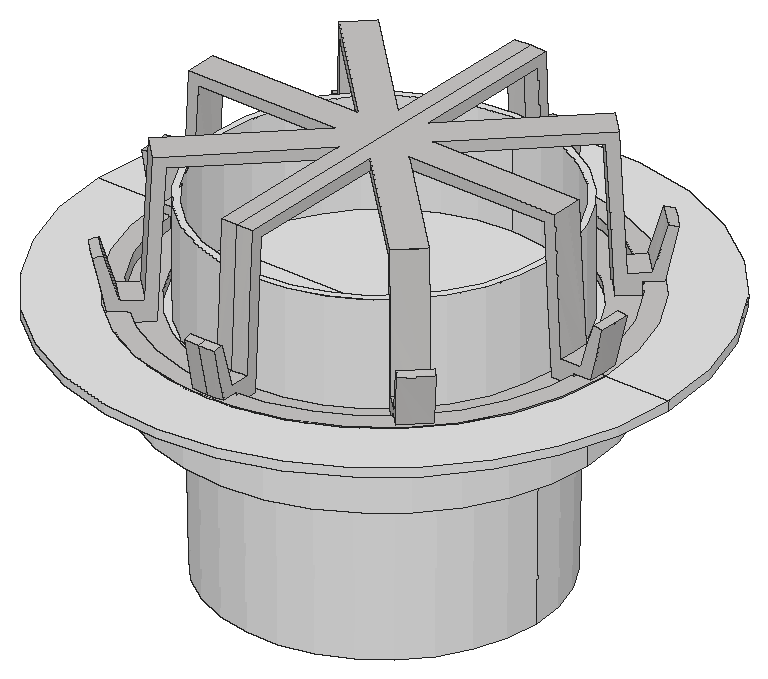
Revit family "Viking Roofspec Drain 08 M01", category Pipe Fittings, host Face, Revit 2021
Family settings
  Host = Face
  Round Connector Dimension = Use Diameter
  Part Type = Cap
  Cut with Voids When Loaded = No
  Shared = No
Parameters (values of type "Drains - Overflow - 150mm")
  URL = "www.vikingroofspec.co.nz"
  Type Comments = "Viking Roofspec 150mmØ clamped overflow drain SDM051 with 304 S/S domed grate, installed as per manufacturers instructions."
  Pipe Diameter = 150 mm
  Overall Cut Diameter = 280 mm
  Model = "SDM051"
  Material = Viking Roofspec - Plastic White
  Manufacturer = "Viking Roofspec"  # constant formula
  Grate Material = Viking Roofspec - Stainless Steel
  Flow Out = 7.6 L/s
  Default Elevation = 0 mm
  Cut Diameter = 235 mm
  Component = SDM051 : Overflow
Reference planes
  plane 1 "Center (Front/Back)": y = 0
  plane 2: z = 0
  plane 3 "Center (Left/Right)": x = 0
  plane 4 "Pipe Connector": z = -116.857
Forms (mm)
  Extrusion 1, void
    sketch origin (0, 0, 0) x (1, 0, 0) y (0, 1, 0)
      loop
        circle (0, 0) r 117.5
    from 0 to -120
  Extrusion 2, void
    sketch origin (0, 0, 0) x (1, 0, 0) y (0, 1, 0)
      loop
        circle (0, 0) r 140
    from -4 to 0
Dimensions and locks
  locked: host face to plane 4 "Pipe Connector" at 116.857
  "Cut Diameter": diameter of Extrusion 1 sketch curve
  "Overall Cut Diameter": diameter of Extrusion 2 sketch curve
  aligned and locked: plane 2 to host face
  aligned and locked: level to host face
Automatic sketch dimensions
  host sketch curve to host sketch curve = 2438.4 mm  (x2)
  plane 1 "Center (Front/Back)" to Extrusion 1 sketch curve = 0 mm
  Extrusion 1 sketch curve to plane 3 "Center (Left/Right)" = 0 mm
  plane 1 "Center (Front/Back)" to Extrusion 2 sketch curve = 0 mm
  Extrusion 2 sketch curve to plane 3 "Center (Left/Right)" = 0 mm
Nested families
  nested 1: "SDM051" at (0, 0, 0), type <- "Component", Grate Material <- "Grate Material", Material <- "Material", type "Overflow"
Connectors
  piping at (0, 0, -116.857), diameter 150, driven by "Pipe Diameter", driven by "Flow Out"
    settings: index 3, connector inside diameter 609.6 mm, connector length 0 mm, flow factor 0, pipe flow 7.6 L/s, pressure drop 0.0 Pa, fitting loss kfactor 0, connector angle 0.00°, fixture units 0, engagement length 0 mm, angle of deflection 0.00°, flow configuration 1, flow direction 2, fitting loss method 4, system type 16, joint type 0, gender type 0, connector reference index -1, connector utility 0, adjustable connector no, is connector primary yes, connector description "Drain/Overflow"
Definition of nested family "SDM051"
  Parameters (values of type "Overflow")
    Material [instance] = none
    Has Overflow = yes
    Grate Material [instance] = none
    Default Elevation = 1219.2 mm
  Types (2, lengths in mm): name | Has Overflow
    Drain | no
    Overflow | yes
  Reference planes
    plane 1 "Center (Front/Back)": y = 0
    plane 2: z = 0
    plane 3 "Center (Left/Right)": x = 0
  Forms (mm)
    Revolve 1, solid, material <- "Material"
      sketch origin (0, 0, 0.4) x (1, 0, 0) y (0, 0, 1)
        loop
          line (-76.392, -42.743) -> (-75.04, -121.2) -> (0, -121.2) -> (0, -9) -> (-100, -9) -> (-108.6, -0.4) -> (-140, -0.4) -> (-140, -4.4) -> (-114.957, -4.4) -> (-100.25, -19.107) -> (-100.25, -42.743) -> (-76.392, -42.743)
        axis (0, -0.4) -> (0, -121.2)
      angle from 0 to 360
    Revolve 2, solid, material <- "Grate Material"
      sketch origin (0, 0, 0.4) x (1, 0, 0) y (0, 0, 1)
        loop
          line (85.25, -5) -> (85.25, -9) -> (100, -9) -> (109, 0) -> (99.75, 0) -> (99.75, -5) -> (85.25, -5)
        axis (0, 0) -> (0, -9)
      angle from 0 to 360
  Dimensions and locks
    aligned and locked: level to plane 2
    aligned and locked: Revolve 1 sketch curve to plane 3 "Center (Left/Right)"
  Nested families
    nested 1: "150mm Grate" at (0, 0, 0.4) x (0, 1, 0) z (0, 0, 1), Grate Material <- "Grate Material", type "150mm Grate"
      with Grate Material none
    nested 2: "150mm Overflow" at (0, 0, -8.6) x (0, 1, 0) z (0, 0, 1), visible <- "Has Overflow", type "150mm Overflow"
      with Material none
  Definition of nested family "150mm Grate"
    Parameters (values of type "150mm Grate")
      Grate Material [instance] = none
      Default Elevation = 1219.2 mm
    Reference planes
      plane 1 "Center (Front/Back)": y = 0
      plane 2: z = 0
      plane 3 "Center (Left/Right)": x = 0
    Forms (mm)
      Revolve 1, solid, material <- "Grate Material"
        sketch origin (0, 0, 0) x (1, 0, 0) y (0, 0, 1)
          loop
            line (93.334, 5) -> (90.195, 67.56) -> (0, 67.56) -> (0, 62.56) -> (85.321, 62.56) -> (88.836, -4.5) -> (99.8, -4.5) -> (99.8, 0.8) -> (107.956, 0.8) -> (113.417, 24.452) -> (109.364, 25.388) -> (103.131, 5) -> (93.334, 5)
          axis (0, 67.56) -> (0, -4.5)
        angle from 0 to 360
      Extrusion 2, void
        sketch origin (300, 0, 0) x (1, 0, 0) y (0, 1, 0)
          loop
            line (-281.893, -7.5) -> (-198.245, -91.148) -> (-163.597, -7.5) -> (-281.893, -7.5)
          loop
            line (-281.893, 7.5) -> (-163.597, 7.5) -> (-198.245, 91.148) -> (-281.893, 7.5)
          loop
            line (-292.5, 18.107) -> (-208.852, 101.755) -> (-292.5, 136.403) -> (-292.5, 18.107)
          loop
            line (-307.5, 136.403) -> (-391.148, 101.755) -> (-307.5, 18.107) -> (-307.5, 136.403)
          loop
            line (-318.107, 7.5) -> (-401.755, 91.148) -> (-436.403, 7.5) -> (-318.107, 7.5)
          loop
            line (-318.107, -7.5) -> (-436.403, -7.5) -> (-401.755, -91.148) -> (-318.107, -7.5)
          loop
            line (-307.5, -18.107) -> (-391.148, -101.755) -> (-307.5, -136.403) -> (-307.5, -18.107)
          loop
            line (-292.5, -18.107) -> (-292.5, -136.403) -> (-208.852, -101.755) -> (-292.5, -18.107)
        from -16.9 to 82.026
    Cuts and joins
      Extrusion 2 cuts Revolve 1
    Dimensions and locks
      aligned and locked: level to plane 2
  Definition of nested family "150mm Overflow"
    Parameters (values of type "150mm Overflow")
      Material [instance] = none
      Default Elevation = 1219.2 mm
    Reference planes
      plane 1 "Center (Front/Back)": y = 0
      plane 2: z = 0
      plane 3 "Center (Left/Right)": x = 0
    Forms (mm)
      Extrusion 1, solid, material <- "Material"
        sketch origin (0, 0, 0) x (1, 0, 0) y (0, 1, 0)
          loop
            circle (0, 0) r 81.602
          loop
            circle (0, 0) r 78.602
        from 0 to 50
    Dimensions and locks
      aligned and locked: level to plane 2
